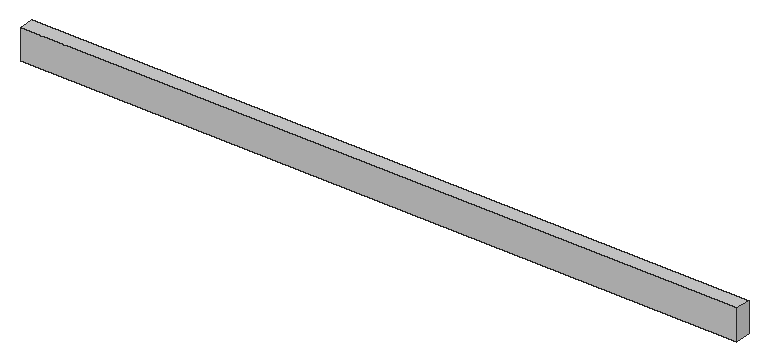
Revit family "29de6677f64045309640af7d42930c4f", category Structural Framing, Revit 2019
Family settings
  Structural Framing Length Roundoff = 0' - 0"
  Section Shape = Rectangular Bar
  Material for Model Behavior = Steel
  Always export as geometry = No
  Family Name Key = Flat Bars
  OmniClass Number = 23.25.30.11.14.14
  OmniClass Title = Beams
  Seek Item ID = Flat Bar-0000-USA-ENU
  Always vertical = Yes
  Cut with Voids When Loaded = No
  Symbolic Representation = From Project Settings
  Shared = No
  Show family pre-cut in plan views = Yes
Parameters (values of type "FL 1X2")
  Width = 0' - 1"
  Torsional Moment of Inertia = 0 cm⁴
  Torsional Modulus = 0 cm³
  Structural Material [instance] = Steel ASTM A36
  Section Name Key = "Flat 1X2"
  Section Area = 2.00 in²
  Principal Axes Angle = 0.00°
  Plastic Modulus weak axis = 8.1935 cm³
  Plastic Modulus strong axis = 16.387 cm³
  Perimeter = 6 (stored number, unit not read)
  Nominal Weight = 0 N/m
  Moment of Inertia weak axis = 7.0759 cm⁴
  Moment of Inertia strong axis = 27.888 cm⁴
  Height = 0' - 2"
  Elastic Modulus weak axis = 5.4077 cm³
  Elastic Modulus strong axis = 10.979 cm³
  Centroid Vertical = Height / 2  # 25.4 mm
  Centroid Horizontal = Width / 2  # 12.7 mm
  Assembly Code = "B10"
  Length [instance] = 5' - 0"
Reference planes (in)
  plane 1 "Center (Front/Back)": y = 0
  plane 2: z = 0
  plane 3 "Center (Left/Right)": x = 0.1815
  plane 4 "Member Left": x = -23.8185
  plane 5 "Member Right": x = 24.1815
  plane 6: y = 0.5
  plane 7: y = -0.5
  plane 8 "Top": z = 1
  plane 9: z = -1
  plane 10 "Left": x = -29.8185
  plane 11 "Right": x = 30.1815
Forms (in)
  Sweep 1, solid, material "Steel ASTM A36", detail levels medium+fine
    path origin (0, 0, 0) x (1, 0, 0) y (0, 1, 0)
      loop
        line (-23.8185, 0) -> (24.1815, 0)
    profile "Flat Bar-Profile : Flat Bar-Profile" origin (0.1815, 0, 0) x (0, 1, 0) y (0, 0, 1)
      loop
        line (-0.5, 1) -> (-0.5, -1) -> (0.5, -1) -> (0.5, 1) -> (-0.5, 1)
Lines and regions (in)
  symbolic lines, style "Stick Symbols", detail levels coarse
    curve 1: line (0.1815, -0.5, -1) -> (0.1815, 0.5, -1)
    curve 2: line (0.1815, 0.5, -1) -> (0.1815, 0.5, 1)
    curve 3: line (0.1815, 0.5, 1) -> (0.1815, -0.5, 1)
    curve 4: line (0.1815, -0.5, 1) -> (0.1815, -0.5, -1)
Dimensions and locks (in)
  "Width": plane 6 to plane 7
  "Height": plane 9 to plane 8 "Top"
  equal spacing: plane 9, plane 2, plane 8 "Top"
  equal spacing: plane 6, plane 1 "Center (Front/Back)", plane 7
  "Length": plane 10 "Left" to plane 11 "Right"
  aligned and locked: plane 4 "Member Left" to Sweep 1 sketch curve
  aligned and locked: plane 1 "Center (Front/Back)" to Sweep 1 sketch curve
  aligned and locked: plane 5 "Member Right" to Sweep 1 sketch curve
Automatic sketch dimensions
  curve 4 to plane 7 = 0' - 0"
  curve 3 to plane 6 = 0' - 0"
  plane 9 to curve 1 = 0' - 0"
  plane 8 "Top" to curve 3 = 0' - 0"
